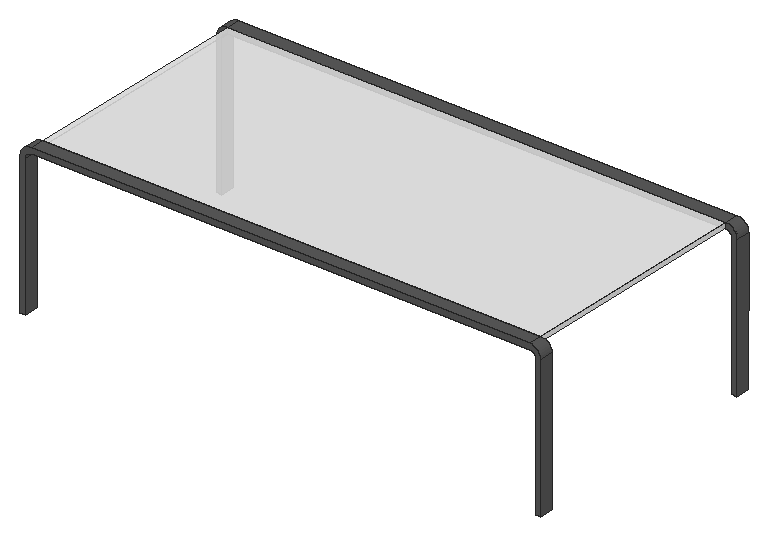
Revit family "Haworth_msit_Table", category Furniture, Revit 2018
Family settings
  OmniClass Number = 23.40.70.14.64.21
  OmniClass Title = Systems Furniture
  Work Plane-Based = No
  Always vertical = Yes
  Cut with Voids When Loaded = No
  Shared = No
  Room Calculation Point = No
Parameters (values of type "TOMS - Rectangle")
  Warranty = "http://www.haworth.com/resources/product-info/warranties"
  URL - Product = "https://www.haworth.com/na/en/products/lounge-sofas/ottomans/m-sit-lounge.html"
  Trim Finish [instance] = Haworth _ Paint _ Collection Black
  Table Finish = Haworth _ Glass _ Frosted
  Table Edge Offset = 1"  # constant formula
  Square = no
  Rectangle = not(Square)  # yes
  Model = "TOMS"  # constant formula
  Frame Depth = 1 1/4"  # constant formula
  Description = "Haworth m sit Table"  # constant formula
  URL = "http://www.haworth.com/our-brands/haworth-collection"
  Size = "Verify Final Dim. w/ Haworth"  # constant formula
  Revision Number = "5"  # constant formula
  Manufacturer = "Haworth"  # constant formula
  Author = "Haworth (Hampton), SHAPE Environments, LLC"  # constant formula
  Assembly Code = "E2020200"
  Actual Width = if(Square, 19 3/4", 47 1/4")  # 47 1/4"
  Actual Height = if(Square, 19 3/4", 13 3/4")  # 13 3/4"
  Actual Depth = if(Square, 19 3/4", 23 1/2")  # 23 1/2"
Types (2): name | Square | Rectangle | Actual Width | Actual Height | Actual Depth
  TOMS - Rectangle | no | yes | 47 1/4" | 13 3/4" | 23 1/2"
  TOMS - Square | yes | no | 19 3/4" | 19 3/4" | 19 3/4"
Reference planes (in)
  plane 1 "Center F/B": y = 0
  plane 2: z = 0
  plane 3 "Center L/R": x = 0
  plane 4 "Table Left": x = -23.625
  plane 5 "Table Right": x = 23.625
  plane 6 "Frame Back": y = 11.75
  plane 7 "Frame Front": y = -11.75
  plane 8 "Top": z = 13.75
  plane 9 "Front Frame Inside": y = -10.5
  plane 10 "Back Frame Inside": y = 10.5
  plane 11 "Table Edge Left": x = -22.625
  plane 12 "Table Edge Right": x = 22.625
Forms (in)
  Extrusion 1, solid, material "Haworth _ Paint _ Collection Black" <- "Trim Finish"
    sketch origin (0, -11.75, 0) x (-1, 0, 0) y (0, 0, 1)
      loop
        line (23.625, 0) -> (23.625, 12.75)
        arc (23.625, 12.75) -> (23.33211, 13.45711) -> (22.625, 13.75) r 1
        line (22.625, 13.75) -> (-22.625, 13.75)
        arc (-22.625, 13.75) -> (-23.33211, 13.45711) -> (-23.625, 12.75) r 1
        line (-23.625, 12.75) -> (-23.625, 0) -> (-23.125, 0) -> (-23.125, 12.75)
        arc (-23.125, 12.75) -> (-22.97855, 13.10355) -> (-22.625, 13.25) r 0.5
        line (-22.625, 13.25) -> (22.625, 13.25)
        arc (22.625, 13.25) -> (22.97855, 13.10355) -> (23.125, 12.75) r 0.5
        line (23.125, 12.75) -> (23.125, 0) -> (23.625, 0)
    from 0 to 1.25
  Extrusion 2, solid, material "Haworth _ Paint _ Collection Black" <- "Trim Finish"
    sketch origin (0, 11.75, 0) x (-1, 0, 0) y (0, 0, 1)
      loop
        line (23.625, 0) -> (23.625, 12.75)
        arc (23.625, 12.75) -> (23.33211, 13.45711) -> (22.625, 13.75) r 1
        line (22.625, 13.75) -> (-22.625, 13.75)
        arc (-22.625, 13.75) -> (-23.33211, 13.45711) -> (-23.625, 12.75) r 1
        line (-23.625, 12.75) -> (-23.625, 0) -> (-23.125, 0) -> (-23.125, 12.75)
        arc (-23.125, 12.75) -> (-22.97855, 13.10355) -> (-22.625, 13.25) r 0.5
        line (-22.625, 13.25) -> (22.625, 13.25)
        arc (22.625, 13.25) -> (22.97855, 13.10355) -> (23.125, 12.75) r 0.5
        line (23.125, 12.75) -> (23.125, 0) -> (23.625, 0)
    from 0 to -1.25
  Extrusion 3, solid, material "Haworth _ Glass _ Frosted" <- "Table Finish"
    sketch origin (0, 0, 13.75) x (-1, 0, 0) y (0, -1, 0)
      loop
        line (22.625, -10.5) -> (22.625, 10.5) -> (-22.625, 10.5) -> (-22.625, -10.5) -> (22.625, -10.5)
    from 0 to -0.5
Lines and regions (in)
  Masking region 1
    outline origin (0, 0, 13.75) x (-1, 0, 0) y (0, -1, 0)
      loop
        line (23.625, -11.75) -> (23.625, -10.5) -> (22.625, -10.5) -> (22.625, 10.5) -> (23.625, 10.5) -> (23.625, 11.75) -> (-23.625, 11.75) -> (-23.625, 10.5) -> (-22.625, 10.5) -> (-22.625, -10.5) -> (-23.625, -10.5) -> (-23.625, -11.75) -> (23.625, -11.75)
  symbolic lines, detail levels fine
    curve 1: line (-22.625, 10.5, 13.75) -> (22.625, 10.5, 13.75)
    curve 2: line (22.625, -10.5, 13.75) -> (-22.625, -10.5, 13.75)
Dimensions and locks (in)
  "Actual Width": plane 4 "Table Left" to plane 5 "Table Right"
  equal spacing: plane 4 "Table Left", plane 3 "Center L/R", plane 5 "Table Right"
  "Actual Depth": plane 6 "Frame Back" to plane 7 "Frame Front"
  equal spacing: plane 6 "Frame Back", plane 1 "Center F/B", plane 7 "Frame Front"
  "Actual Height": plane 8 "Top" to level
  "Frame Depth": plane 6 "Frame Back" to plane 10 "Back Frame Inside"
  "Frame Depth": plane 9 "Front Frame Inside" to plane 7 "Frame Front"
  "Table Edge Offset": plane 4 "Table Left" to plane 11 "Table Edge Left"
  "Table Edge Offset": plane 12 "Table Edge Right" to plane 5 "Table Right"
  aligned and locked: Extrusion 3 sketch curve to plane 10 "Back Frame Inside"
  aligned and locked: plane 9 "Front Frame Inside" to Extrusion 3 sketch curve
  aligned and locked: Extrusion 3 sketch curve to plane 12 "Table Edge Right"
  aligned and locked: plane 11 "Table Edge Left" to Extrusion 3 sketch curve
Automatic sketch dimensions
  Extrusion 1 sketch curve to Extrusion 1 sketch curve = 0"  (x4)
  Extrusion 1 sketch curve to plane 5 "Table Right" = 0"
  Extrusion 1 sketch curve to level = 0"  (x2)
  Extrusion 1 sketch curve to plane 8 "Top" = 0"
  plane 4 "Table Left" to Extrusion 1 sketch curve = 0"
  Extrusion 1 sketch curve to plane 5 "Table Right" = 1/2"
  Extrusion 1 sketch curve to plane 5 "Table Right" = 1"
  Extrusion 2 sketch curve to Extrusion 2 sketch curve = 0"  (x4)
  Extrusion 2 sketch curve to plane 5 "Table Right" = 0"
  Extrusion 2 sketch curve to level = 0"  (x2)
  Extrusion 2 sketch curve to plane 8 "Top" = 0"
  plane 4 "Table Left" to Extrusion 2 sketch curve = 0"
  Extrusion 2 sketch curve to plane 5 "Table Right" = 1/2"
  Extrusion 2 sketch curve to plane 5 "Table Right" = 1"
  Extrusion 2 sketch curve to Extrusion 2 sketch curve = 1/2"
  plane 11 "Table Edge Left" to Extrusion 1 sketch curve = 0"
  curve 1 to plane 10 "Back Frame Inside" = 0"
  curve 1 to plane 12 "Table Edge Right" = 0"
  curve 2 to plane 9 "Front Frame Inside" = 0"
  curve 2 to plane 12 "Table Edge Right" = 0"
  curve 2 to plane 11 "Table Edge Left" = 0"
  curve 1 to plane 11 "Table Edge Left" = 0"
  Masking region 1 sketch curve to plane 5 "Table Right" = 0"  (x2)
  Masking region 1 sketch curve to plane 9 "Front Frame Inside" = 0"  (x2)
  Masking region 1 sketch curve to plane 12 "Table Edge Right" = 0"
  Masking region 1 sketch curve to plane 10 "Back Frame Inside" = 0"  (x2)
  Masking region 1 sketch curve to plane 11 "Table Edge Left" = 0"
  Masking region 1 sketch curve to plane 4 "Table Left" = 0"  (x2)
  Masking region 1 sketch curve to plane 6 "Frame Back" = 0"
  Masking region 1 sketch curve to plane 7 "Frame Front" = 0"
